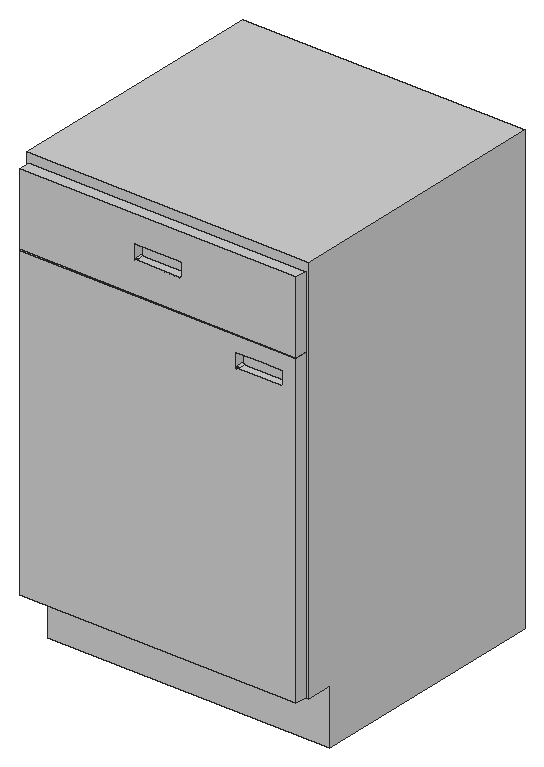
Revit family "WC28", category Specialty Equipment, Revit 2012
Parameters (values of type "Work Counter Unit w/ 1 Drawer & Door (Default)")
  URL = "http://madixinc.com/store/pharmacy/counters.html"
  Model = "Work Counter"
  Manufacturer = "© 2012 Madix, Inc. All rights reserved."
Reference planes (in)
  plane 1 "Center (Front/Back)": y = 0
  plane 2: z = 0
  plane 3 "Center (Left/Right)": x = 0
  plane 4: x = -12
  plane 5: x = 12
  plane 6: y = 12
  plane 7: y = -12
  plane 8: z = 38
  plane 9: y = -11.25
  plane 10: y = -11.875
  plane 11: x = 11.75
  plane 12: x = -11.75
  plane 13: x = -11.25
Forms (in)
  Extrusion 1, solid, material "Metal - Steel"
    sketch origin (0, 0, 0) x (0, -1, 0) y (0, 0, -1)
      loop
        line (-12, 0) -> (-12, -38) -> (11, -38) -> (11, -4.75) -> (8.75, -4.75) -> (8.75, 0) -> (-12, 0)
    from -12 to -11.25
  Extrusion 2, solid, material "Metal - Steel"
    sketch origin (0, 0, 0) x (0, 1, 0) y (0, 0, 1)
      loop
        line (-11, 37.25) -> (-11.25, 37.25) -> (-11.25, 31.125) -> (-11, 31.125) -> (-11, 37.25)
    from -11.75 to 11.75
  Extrusion 3, solid, material "Metal - Steel"
    sketch origin (0, 0, 0) x (1, 0, 0) y (0, 0, 1)
      loop
        line (-11.75, 37.25) -> (-11.75, 31.125) -> (11.75, 31.125) -> (11.75, 37.25) -> (-11.75, 37.25)
      loop
        line (-2, 35.125) -> (-2, 34.5) -> (-2, 33.875)
        arc (-2, 33.875) -> (-1.96339, 33.78661) -> (-1.875, 33.75) r 0.125
        line (-1.875, 33.75) -> (0, 33.75) -> (1.875, 33.75)
        arc (1.875, 33.75) -> (1.96339, 33.78661) -> (2, 33.875) r 0.125
        line (2, 33.875) -> (2, 34.5) -> (2, 35.125)
        arc (2, 35.125) -> (1.96339, 35.21339) -> (1.875, 35.25) r 0.125
        line (1.875, 35.25) -> (0, 35.25) -> (-1.875, 35.25)
        arc (-1.875, 35.25) -> (-1.96339, 35.21339) -> (-2, 35.125) r 0.125
    from 11.25 to 11.875
  Extrusion 4, solid, material "Metal - Steel"
    sketch origin (0, 0, 0) x (1, 0, 0) y (0, 0, 1)
      loop
        line (-11.75, 37.25) -> (-11.75, 31.125) -> (11.75, 31.125) -> (11.75, 37.25) -> (-11.75, 37.25)
      loop
        arc (-1.875, 35) -> (-1.96339, 34.96339) -> (-2, 34.875) r 0.125
        line (-2, 34.875) -> (-2, 33.875)
        arc (-2, 33.875) -> (-1.96339, 33.78661) -> (-1.875, 33.75) r 0.125
        line (-1.875, 33.75) -> (1.875, 33.75)
        arc (1.875, 33.75) -> (1.96339, 33.78661) -> (2, 33.875) r 0.125
        line (2, 33.875) -> (2, 34.875)
        arc (2, 34.875) -> (1.96339, 34.96339) -> (1.875, 35) r 0.125
        line (1.875, 35) -> (-1.875, 35)
    from 11.875 to 12
  Extrusion 5, solid, material "Metal - Steel"
    sketch origin (0, 0, 0) x (0, -1, 0) y (0, 0, 1)
      loop
        line (-12, 0) -> (8.75, 0) -> (8.75, 4.75) -> (11, 4.75) -> (11, 38) -> (-12, 38) -> (-12, 0)
    from -12 to -11.25
  Extrusion 6, solid, material "Metal - Steel"
    sketch origin (0, 0, 0) x (1, 0, 0) y (0, 1, 0)
      loop
        line (-11.25, 12) -> (-11.25, 11.75) -> (11.25, 11.75) -> (11.25, 12) -> (-11.25, 12)
    from 0 to 38
  Extrusion 7, solid, material "Metal - Steel"
    sketch origin (0, 0, 0) x (1, 0, 0) y (0, 1, 0)
      loop
        line (11.25, -11) -> (11.25, 11.75) -> (-11.25, 11.75) -> (-11.25, -11) -> (11.25, -11)
    from 31.125 to 38
  Extrusion 8, solid, material "Metal - Steel"
    sketch origin (0, 0, 0) x (0, 1, 0) y (0, 0, 1)
      loop
        line (-8.75, 0) -> (11.75, 0) -> (11.75, 5.5) -> (-11, 5.5) -> (-11, 4.75) -> (-8.75, 4.75) -> (-8.75, 0)
    from -11.25 to 11.25
  Extrusion 9, solid, material "Metal - Steel"
    sketch origin (0, 0, 0) x (1, 0, 0) y (0, 0, 1)
      loop
        line (-11.75, 31) -> (-11.75, 4.75) -> (11.75, 4.75) -> (11.75, 31) -> (-11.75, 31)
    from 11 to 11.25
  Extrusion 10, solid, material "Metal - Steel"
    sketch origin (0, 0, 0) x (1, 0, 0) y (0, 0, 1)
      loop
        line (-11.75, 31) -> (-11.75, 4.75) -> (11.75, 4.75) -> (11.75, 31) -> (-11.75, 31)
      loop
        arc (6.75, 30) -> (6.66161, 29.96339) -> (6.625, 29.875) r 0.125
        line (6.625, 29.875) -> (6.625, 28.625)
        arc (6.625, 28.625) -> (6.66161, 28.53661) -> (6.75, 28.5) r 0.125
        line (6.75, 28.5) -> (10.5, 28.5)
        arc (10.5, 28.5) -> (10.58839, 28.53661) -> (10.625, 28.625) r 0.125
        line (10.625, 28.625) -> (10.625, 29.875)
        arc (10.625, 29.875) -> (10.58839, 29.96339) -> (10.5, 30) r 0.125
        line (10.5, 30) -> (6.75, 30)
    from 11.25 to 11.875
  Extrusion 11, solid, material "Metal - Steel"
    sketch origin (0, 0, 0) x (1, 0, 0) y (0, 0, 1)
      loop
        line (-11.75, 31) -> (-11.75, 4.75) -> (11.75, 4.75) -> (11.75, 31) -> (-11.75, 31)
      loop
        line (8.625, 29.75) -> (6.75, 29.75)
        arc (6.75, 29.75) -> (6.66161, 29.71339) -> (6.625, 29.625) r 0.125
        line (6.625, 29.625) -> (6.625, 28.625)
        arc (6.625, 28.625) -> (6.66161, 28.53661) -> (6.75, 28.5) r 0.125
        line (6.75, 28.5) -> (8.625, 28.5) -> (10.5, 28.5)
        arc (10.5, 28.5) -> (10.58839, 28.53661) -> (10.625, 28.625) r 0.125
        line (10.625, 28.625) -> (10.625, 29.625)
        arc (10.625, 29.625) -> (10.58839, 29.71339) -> (10.5, 29.75) r 0.125
        line (10.5, 29.75) -> (8.625, 29.75)
    from 11.875 to 12
Cuts and joins
  joined: Extrusion 1, Extrusion 2, Extrusion 3, Extrusion 4, Extrusion 5, Extrusion 6, Extrusion 7, Extrusion 8
  joined: Extrusion 9, Extrusion 10, Extrusion 11
Dimensions and locks (in)
  aligned and locked: level to plane 2
  aligned and locked: Extrusion 4 to Extrusion 3
  aligned and locked: plane 11 to Extrusion 3
  aligned and locked: Extrusion 3 to Extrusion 2
  aligned and locked: Extrusion 4 to Extrusion 2
  aligned and locked: Extrusion 3 to Extrusion 4
  aligned and locked: Extrusion 2 to Extrusion 3
